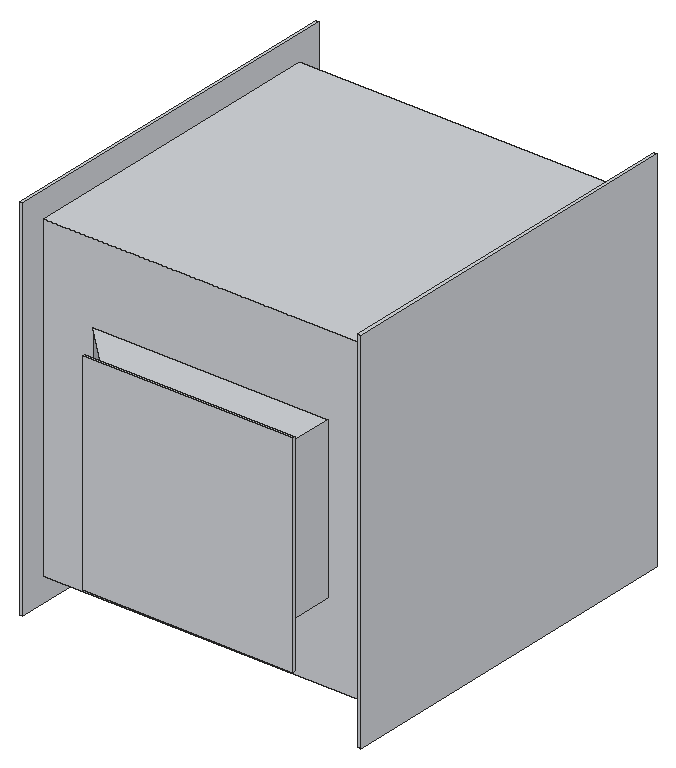
Revit family "矩形 T 形三通 - 斜接 - 法兰", category 风管管件, Revit 2020
Family settings
  圆形连接件大小 = 使用直径
  零件类型 = T 形三通
  基于工作平面 = 否
  总是垂直 = 是
  加载时剪切的空心 = 否
  共享 = 否
Parameters (values of type "标准")
  Default Elevation = 0 mm
  最大风管宽度和高度 3 [instance] = if(风管宽度 3 > 风管高度 3, 风管宽度 3, 风管高度 3)  # 160 mm
  最大风管宽度和高度 1 [instance] = if(风管宽度 1 > 风管高度 1, 风管宽度 1, 风管高度 1)  # 320 mm
  长度 6 [instance] = 50 mm + 法兰厚度 1  # 53 mm
  法兰宽度 3 [instance] = 法兰延伸高度 3 * 2 + 风管宽度 3  # 210 mm
  法兰宽度 1 [instance] = 法兰延伸高度 1 * 2 + 风管宽度 1  # 370 mm
  法兰厚度 3 [instance] = if(最大风管宽度和高度 3 < 1501 mm, 3 mm, if(最大风管宽度和高度 3 < 2501 mm, 4 mm, if(最大风管宽度和高度 3 < 4001 mm, 5 mm, 6 mm)))  # 3 mm
  法兰厚度 1 [instance] = if(最大风管宽度和高度 1 < 1501 mm, 3 mm, if(最大风管宽度和高度 1 < 2501 mm, 4 mm, if(最大风管宽度和高度 1 < 4001 mm, 5 mm, 6 mm)))  # 3 mm
  法兰高度 3 [instance] = 法兰延伸高度 3 * 2 + 风管高度 3  # 210 mm
  法兰高度 1 [instance] = 法兰延伸高度 1 * 2 + 风管高度 1  # 370 mm
  法兰延伸高度 3 [instance] = if(最大风管宽度和高度 3 < 631 mm, 25 mm, if(最大风管宽度和高度 3 < 1501 mm, 30 mm, if(最大风管宽度和高度 3 < 2501 mm, 40 mm, if(最大风管宽度和高度 3 < 4001 mm, 50 mm, 60 mm))))  # 25 mm
  法兰延伸高度 1 [instance] = if(最大风管宽度和高度 1 < 631 mm, 25 mm, if(最大风管宽度和高度 1 < 1501 mm, 30 mm, if(最大风管宽度和高度 1 < 2501 mm, 40 mm, if(最大风管宽度和高度 1 < 4001 mm, 50 mm, 60 mm))))  # 25 mm
  风管高度 3 [instance] = 160 mm
  支管长度 [instance] = if(0.25 * 风管宽度 3 > 75 mm, 0.25 * 风管宽度 3, 75 mm)  # 75 mm
  长度 1 [instance] = (支管长度) * tan(45.00°) + 风管宽度 3 / 2  # 155 mm
  风管宽度 3 [instance] = 160 mm
  风管宽度 1 [instance] = 320 mm
  半宽度 1 [instance] = 风管宽度 1 / 2  # 160 mm
  风管长度 3 [instance] = 风管宽度 1 / 2 + 支管长度  # 235 mm
  半宽度 3 [instance] = 风管宽度 3 / 2  # 80 mm
  风管长度 1 [instance] = 长度 1 + 50 mm + 法兰厚度 1  # 208 mm
  风管高度 1 [instance] = 320 mm
  Assembly Code = ""
Reference planes
  plane 1 "中心(前/后)": y = 0
  plane 2: z = 0
  plane 3 "中心(左/右)": x = 0
  plane 4: x = -208
  plane 5: x = 133
  plane 6: y = -235
  plane 7: x = -80
  plane 8: x = 80
  plane 9: x = -155
  plane 10: z = 80
  plane 11: z = -80
  plane 12: x = -80
  plane 13: x = 80
  plane 14: z = 80
  plane 15: z = -80
  plane 16: x = -80
  plane 17: x = 80
  plane 18: y = -160
  plane 19: x = -205
  plane 20: x = 130
  plane 21: y = -232
Forms (mm)
  Sweep 1, solid, detail levels medium+fine
    path in 3D
      loop
        line (-208, 0, 0) -> (0, 0, 0)
    profile "风管 - 矩形 : 风管 - 矩形 1" origin (-104, 0, 0) x (0, 1, 0) y (0, 0, 1)
      loop
        line (-160, 160) -> (-160, -160) -> (160, -160) -> (160, 160) -> (-160, 160)
  Sweep 2, solid, detail levels medium+fine
    path in 3D
      loop
        line (0, 0, 0) -> (133, 0, 0)
    profile "风管 - 矩形 : 风管 - 矩形 1" origin (66.5, 0, 0) x (0, 1, 0) y (0, 0, 1)
      loop
        line (-160, 160) -> (-160, -160) -> (160, -160) -> (160, 160) -> (-160, 160)
  Blend 3, solid, detail levels medium+fine
    base sketch origin (-643.049, -235, 1219.2) x (-1, 0, 0) y (0, 0, 1)
      loop
        line (-563.049, -1139.2) -> (-723.049, -1139.2) -> (-723.049, -1299.2) -> (-563.049, -1299.2) -> (-563.049, -1139.2)
    top sketch origin (-643.049, -235, 1219.2) x (-1, 0, 0) y (0, 0, 1)
      loop
        line (-488.049, -1139.2) -> (-723.049, -1139.2) -> (-723.049, -1299.2) -> (-488.049, -1299.2) -> (-488.049, -1139.2)
    from 0 to 75
  Sweep 4, solid, detail levels medium+fine
    path in 3D
      loop
        line (-208, 0, 0) -> (-205, 0, 0)
    profile origin (-206.5, 0, 0) x (0, 1, 0) y (0, 0, 1)
      loop
        line (185, -185) -> (185, 185) -> (-185, 185) -> (-185, -185) -> (185, -185)
  Sweep 5, solid, detail levels medium+fine
    path in 3D
      loop
        line (130, 0, 0) -> (133, 0, 0)
    profile origin (131.5, 0, 0) x (0, 1, 0) y (0, 0, 1)
      loop
        line (185, -185) -> (185, 185) -> (-185, 185) -> (-185, -185) -> (185, -185)
  Sweep 6, solid, detail levels medium+fine
    path in 3D
      loop
        line (0, -235, 0) -> (0, -232, 0)
    profile origin (0, -233.5, 0) x (-1, 0, 0) y (0, 0, 1)
      loop
        line (105, -105) -> (105, 105) -> (-105, 105) -> (-105, -105) -> (105, -105)
Cuts and joins
  joined: Sweep 1, Sweep 2, Blend 3, Sweep 4, Sweep 5, Sweep 6
Lines and regions (mm)
  reference lines
    curve 1: line (-208, 0, 0) -> (0, 0, 0)
    curve 2: line (0, 0, 0) -> (133, 0, 0)
    curve 3: line (0, 0, 0) -> (0, -235, 0)
    curve 9: line (-208, 0, 0) -> (-205, 0, 0)
    curve 10: line (-208, 0, 0) -> (-205, 0, 0)
    curve 11: line (130, 0, 0) -> (133, 0, 0)
    curve 12: line (130, 0, 0) -> (133, 0, 0)
    curve 13: line (0, -235, 0) -> (0, -232, 0)
    curve 14: line (0, -235, 0) -> (0, -232, 0)
  sketch lines
    curve 4: line (-208, 0, 0) -> (0, 0, 0)
    curve 5: line (0, 0, 0) -> (133, 0, 0)
    curve 15: line (-208, 0, 0) -> (-205, 0, 0)
    curve 16: line (130, 0, 0) -> (133, 0, 0)
    curve 17: line (0, -235, 0) -> (0, -232, 0)
  model lines, style "DuctFitting"
    curve 6: line (-208, 0, 0) -> (0, 0, 0)
    curve 7: line (0, 0, 0) -> (133, 0, 0)
    curve 8: line (0, 0, 0) -> (0, -235, 0)
Dimensions and locks
  "风管长度 1": plane 4 to plane 3 "中心(左/右)"
  "风管长度 3": plane 6 to plane 1 "中心(前/后)"
  equal spacing: plane 7, plane 3 "中心(左/右)", plane 8
  "风管宽度 3": plane 7 to plane 8
  "长度 1": plane 9 to plane 3 "中心(左/右)"
  equal spacing: plane 10, level, plane 11
  "风管高度 3": plane 10 to plane 11
  equal spacing: plane 12, plane 3 "中心(左/右)", plane 13
  equal spacing: plane 14, level, plane 15
  equal spacing: plane 17, plane 3 "中心(左/右)", plane 16
  "半宽度 1": plane 1 "中心(前/后)" to plane 18
  "法兰厚度 1": plane 4 to plane 19
  "法兰厚度 1": plane 20 to plane 5
  "法兰厚度 3": plane 21 to plane 6
  equal spacing: Sweep 4 sketch curve, plane 2, Sweep 4 sketch curve
  "法兰高度 1": Sweep 4 sketch curve to Sweep 4 sketch curve
  equal spacing: Sweep 4 sketch curve, plane 1 "中心(前/后)", Sweep 4 sketch curve
  "法兰宽度 1": Sweep 4 sketch curve to Sweep 4 sketch curve
  equal spacing: Sweep 5 sketch curve, plane 2, Sweep 5 sketch curve
  "法兰高度 1": Sweep 5 sketch curve to Sweep 5 sketch curve
  equal spacing: Sweep 6 sketch curve, plane 2, Sweep 6 sketch curve
  "法兰高度 3": Sweep 6 sketch curve to Sweep 6 sketch curve
  equal spacing: Sweep 6 sketch curve, plane 3 "中心(左/右)", Sweep 6 sketch curve
  "法兰宽度 3": Sweep 6 sketch curve to Sweep 6 sketch curve
  "长度 6": plane 8 to plane 5
  equal spacing: Sweep 5 sketch curve, plane 1 "中心(前/后)", Sweep 5 sketch curve
  "法兰宽度 1": Sweep 5 sketch curve to Sweep 5 sketch curve
  aligned and locked: plane 3 "中心(左/右)" to curve 1
  aligned and locked: plane 4 to curve 1
  aligned and locked: plane 5 to curve 2
  aligned and locked: plane 1 "中心(前/后)" to curve 2
  aligned and locked: plane 6 to curve 3
  aligned and locked: curve 6 to curve 1
  aligned and locked: curve 7 to curve 2
  aligned and locked: curve 8 to curve 3
  aligned and locked: Blend 3 sketch curve to plane 10  (x2)
  aligned and locked: plane 11 to Blend 3 sketch curve  (x2)
  aligned and locked: plane 7 to Blend 3 sketch curve
  aligned and locked: Blend 3 sketch curve to plane 8  (x2)
  aligned and locked: plane 9 to Blend 3 sketch curve
  aligned and locked: Blend 3 to plane 6
  aligned and locked: plane 5 to curve 7
  aligned and locked: plane 18 to Blend 3
  aligned and locked: plane 1 "中心(前/后)" to curve 9
  aligned and locked: plane 4 to curve 9
  aligned and locked: plane 1 "中心(前/后)" to curve 10
  aligned and locked: plane 4 to curve 10
  aligned and locked: plane 19 to curve 10
  aligned and locked: plane 1 "中心(前/后)" to curve 11
  aligned and locked: plane 5 to curve 11
  aligned and locked: plane 1 "中心(前/后)" to curve 12
  aligned and locked: plane 5 to curve 12
  aligned and locked: plane 20 to curve 12
  aligned and locked: plane 3 "中心(左/右)" to curve 13
  aligned and locked: plane 6 to curve 13
  aligned and locked: plane 3 "中心(左/右)" to curve 14
  aligned and locked: plane 6 to curve 14
  aligned and locked: plane 21 to curve 14
Automatic sketch dimensions
  curve 6 to plane 4 = 0 mm
  curve 8 to plane 6 = 0 mm
  curve 14 to plane 6 = 0 mm
  curve 9 to plane 19 = 0 mm
  curve 11 to plane 20 = 0 mm
  curve 13 to plane 21 = 0 mm
Connectors
  hvac at (-208, 0, 0), driven by "风管高度 1", driven by "风管宽度 1"
    settings: on cut or joined group of Sweep 1, Sweep 2, Blend 3, Sweep 4, Sweep 5, Sweep 6, index 1, duct flow 0.0 L/s, flow factor 0, pres drop 0.0 Pa, loss coef 0, conn angle 0.00°, conn width 320 mm, conn height 320 mm, conn diameter 609.6 mm, duct sys type 28, conn prof type 1, flow config 0, flow direction 0, loss method 0, conn ref index 2, conn util no, is conn primary yes, conn desc ""
  hvac at (133, 0, 0), driven by "风管高度 1", driven by "风管宽度 1"
    settings: on cut or joined group of Sweep 1, Sweep 2, Blend 3, Sweep 4, Sweep 5, Sweep 6, index 2, duct flow 0.0 L/s, flow factor 0, pres drop 0.0 Pa, loss coef 0, conn angle 0.00°, conn width 320 mm, conn height 320 mm, conn diameter 609.6 mm, duct sys type 28, conn prof type 1, flow config 0, flow direction 0, loss method 0, conn ref index 1, conn util no, is conn primary no, conn desc ""
  hvac at (0, -235, 0), driven by "风管高度 3", driven by "风管宽度 3"
    settings: on cut or joined group of Sweep 1, Sweep 2, Blend 3, Sweep 4, Sweep 5, Sweep 6, index 3, duct flow 0.0 L/s, flow factor 0, pres drop 0.0 Pa, loss coef 0, conn angle 0.00°, conn width 160 mm, conn height 160 mm, conn diameter 609.6 mm, duct sys type 28, conn prof type 1, flow config 0, flow direction 0, loss method 0, conn ref index -1, conn util no, is conn primary no, conn desc ""
